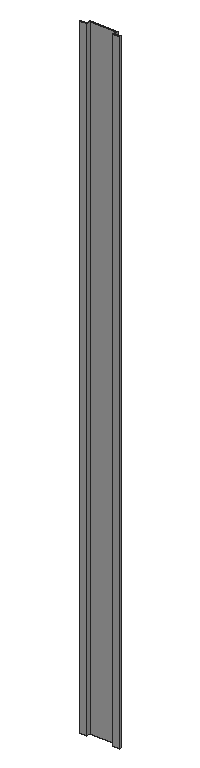
Revit family "ITK by ZPAS_Профиль монтажный центральный 19_Установка на захваты_ 42U-47U", category Обобщенные модели, Revit 2019
Family settings
  Может служить основой для арматурных стержней = Нет
  Размер круглого соединителя = Использовать диаметр
  Тип детали = Нормальный
  На основе рабочей плоскости = Нет
  Всегда вертикально = Да
  При загрузке вырезать с полостями = Нет
  Общий = Нет
  Точка расчета площади = Нет
Parameters (values of type "В1866,9")
  Ширина = 117.2 mm  # constant formula
  Степень защиты = ""
  Материал = Окраска - RAL 7035
  Изготовитель = "ITK"  # constant formula
  Дата изменения = ""
  Глубина = 12.5 mm  # constant formula
  Высота = 1870 mm
  Тип монтажа = "Установка на захваты"  # constant formula
  URL = "https://www.iek.ru/"
  KSI_CPr_Строительные изделия = "61.1.04.08"  # constant formula
  KSI_CMa_Строительные материалы = "10.03.02.06"  # constant formula
  IEK_Цена за единицу = 7879.66
  IEK_Поиск в таблице имен = ""
  IEK_Описание = "Крепится без инструментов к верхней и нижней направляющим.\r\nМатериал - листовая сталь с покрытием алюцинк (Al-Zn)."
  IEK_URL = "https://www.itk-group.ru/produktsiya/catalog/oborudovanie_telekommunikatsionnoe/kompleksnye_resheniya_dlya_tsod/shkafy_i_aksessuary_dlya_tsod/komplektuyushchie_i_aksessuary_dlya_shkafov_itk_by_zpas/kreplenie_itk_by_zpas/itk_by_zpas_profil_montazhnyy_tsentralnyy_19_42u"
  ADSK_Примечание = ""
  ADSK_Позиция [instance] = ""
  ADSK_Наименование = "by ZPAS"  # constant formula
  ADSK_Материал обозначение = ""
  ADSK_Материал наименование = "Листовая сталь"  # constant formula
  ADSK_Масса = 5
  ADSK_Марка = ""
  ADSK_Код изделия = "ZP-CMP-42U"
  ADSK_Завод-изготовитель = "IEK"  # constant formula
  ADSK_Единица измерения = "шт"  # constant formula
  ADSK_Группирование = "I. ЩИТЫ И ПУЛЬТЫ"  # constant formula
  ADSK_Версия семейства = "1.0"  # constant formula
  ADSK_Версия Revit = "2019"  # constant formula
  ADSK_URL страницы изделия = "https://www.itk-group.ru/produktsiya/catalog/oborudovanie_telekommunikatsionnoe/kompleksnye_resheniya_dlya_tsod/shkafy_i_aksessuary_dlya_tsod/komplektuyushchie_i_aksessuary_dlya_shkafov_itk_by_zpas/kreplenie_itk_by_zpas/"
Types (3, lengths in mm): name | Высота | IEK_Цена за единицу | IEK_URL | ADSK_Масса | ADSK_Код изделия
  В1866,9 | 1870 | 7879.66 | "https://www.itk-group.ru/produktsiya/catalog/oborudovanie_telekommunikatsionnoe/kompleksnye_resheniya_dlya_tsod/shkafy_i_aksessuary_dlya_tsod/komplektuyushchie_i_aksessuary_dlya_shkafov_itk_by_zpas/kreplenie_itk_by_zpas/itk_by_zpas_profil_montazhnyy_tsentralnyy_19_42u" | 5 | "ZP-CMP-42U"
  В1966,9 | 1966.9 | 8267.53 | "https://www.itk-group.ru/produktsiya/catalog/oborudovanie_telekommunikatsionnoe/kompleksnye_resheniya_dlya_tsod/shkafy_i_aksessuary_dlya_tsod/komplektuyushchie_i_aksessuary_dlya_shkafov_itk_by_zpas/kreplenie_itk_by_zpas/itk_by_zpas_profil_montazhnyy_tsentralnyy_19_45u" | 6 | "ZP-CMP-45U"
  В2066,9 | 2066.9 | 8639.11 | "https://www.itk-group.ru/produktsiya/catalog/oborudovanie_telekommunikatsionnoe/kompleksnye_resheniya_dlya_tsod/shkafy_i_aksessuary_dlya_tsod/komplektuyushchie_i_aksessuary_dlya_shkafov_itk_by_zpas/kreplenie_itk_by_zpas/itk_by_zpas_profil_montazhnyy_tsentralnyy_19_47u" | 7 | "ZP-CMP-47U"
Reference planes
  plane 1 "По центру (Вперед/Назад)": y = 0
  plane 2: z = 0
  plane 3 "По центру (Влево/Вправо)": x = 0
  plane 4: y = 6.25
  plane 5: y = -6.25
  plane 6: x = -58.6
  plane 7: x = 58.6
  plane 8: z = 2043
Forms (mm)
  Extrusion 1, solid, material "Окраска - RAL 7035" <- "Материал", detail levels fine
    sketch origin (0, 0, 0) x (1, 0, 0) y (0, 1, 0)
      loop
        line (-58.6, -6.25) -> (-38.6, -6.25) -> (-38.6, 4.25) -> (38.6, 4.25) -> (38.6, -6.25) -> (58.6, -6.25) -> (58.6, -4.247) -> (40.645, -4.247) -> (40.645, 6.25) -> (-40.645, 6.25) -> (-40.645, -4.247) -> (-58.6, -4.247) -> (-58.6, -6.25)
    from 0 to 1870 <- "Высота"
  Extrusion 2, solid, material "Условный материал-отделка", detail levels coarse+medium
    sketch origin (0, 0, 0) x (1, 0, 0) y (0, 1, 0)
      loop
        line (-58.6, 6.25) -> (-58.6, -6.25) -> (58.6, -6.25) -> (58.6, 6.25) -> (-58.6, 6.25)
    from 0 to 1870 <- "Высота"
Dimensions and locks
  equal spacing: plane 6, plane 3 "По центру (Влево/Вправо)", plane 7
  "Ширина": plane 6 to plane 7
  equal spacing: plane 4, plane 1 "По центру (Вперед/Назад)", plane 5
  "Глубина": plane 4 to plane 5
  aligned and locked: level to plane 2
Automatic sketch dimensions
  Extrusion 1 sketch curve to plane 6 = 0 mm
  Extrusion 1 sketch curve to plane 4 = 0 mm
  Extrusion 1 sketch curve to plane 5 = 0 mm  (x2)
  Extrusion 1 sketch curve to plane 7 = 0 mm
  plane 5 to Extrusion 1 sketch curve = 2.003 mm  (x2)
  plane 6 to Extrusion 1 sketch curve = 17.955 mm
  Extrusion 1 sketch curve to Extrusion 1 sketch curve = 2.045 mm  (x2)
  Extrusion 1 sketch curve to plane 7 = 20 mm
  Extrusion 1 sketch curve to plane 4 = 2 mm
  Extrusion 2 sketch curve to plane 5 = 0 mm
  Extrusion 2 sketch curve to plane 6 = 0 mm
  Extrusion 2 sketch curve to plane 7 = 0 mm
  Extrusion 2 sketch curve to plane 4 = 0 mm
